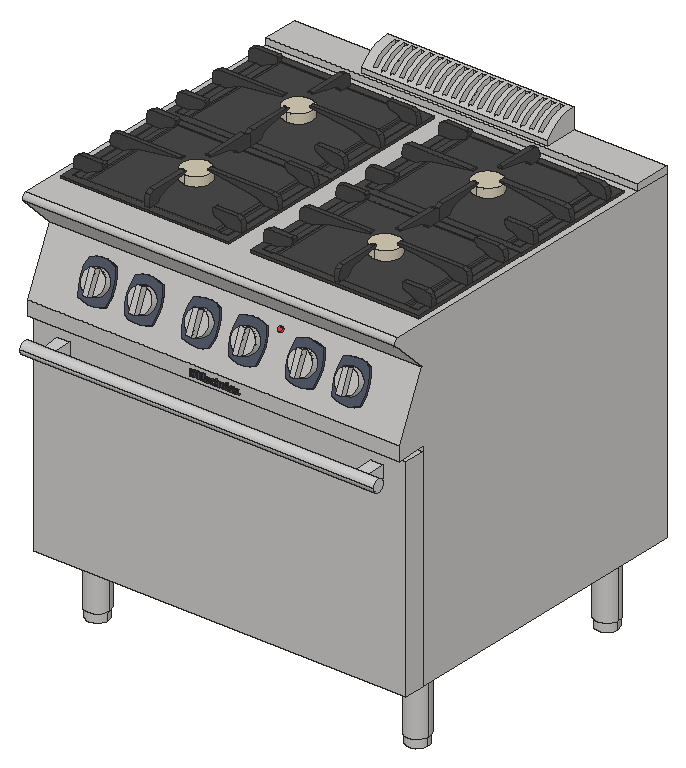
Revit family "QF_ELECTROLUXPROFESSIONAL_371402_E7AAKTBCMEI", category Attrezzature speciali, Revit 2018
Family settings
  Quota connettore circolare = Usa diametro
  Tipo di parte = Normale
  Basato su piano di lavoro = No
  Sempre verticale = Sì
  Taglio con vuoti quando caricato = No
  Condiviso = No
  Punto di calcolo locali = No
Parameters (values of type "Standard")
  Weight = 88.00 kg
  Watts = 0 W
  Volts = 0 V
  URL Manufacturer = "https://www.electroluxprofessional.com/"
  URL = "https://www.electroluxprofessional.com/"
  Steam Supply Size = 0"
  Steam Supply Minimum Pressure = 0.00 psi
  Steam Supply Maximum Pressure = 0.00 psi
  Steam Consumption per Hour = 0
  Show Logo [instance] = yes
  Show Clearance [instance] = yes
  Refrigeration Suction Line Size = 0 mm
  Refrigeration Liquid Line Size = 0 mm
  Refrigerant Compressor Remote = yes
  Phase = 0
  Modello = "E7AAKTBCMEI"
  Produttore = "Electrolux Professional"
  Length Actual = 800 mm  # constant formula
  Item Number = "371402"
  Hot Water Size = 0"
  Height Actual = 850 mm  # constant formula
  HP = "0 HP"
  Gas Size = 1/2"
  Gas KW = 22
  Gas Input Pressure = 0.738606 Btu/h
  Direct Waste Size = 0"
  Descrizione = "4-BURNER GAS RANGE+ELECTRIC OVEN 800MM - QMARK"
  Depth Actual = 730 mm  # constant formula
  Cycle = 0 Hz
  Condensate Return Size = 0"
  Compressed Air Volume = 0 GPM
  Compressed Air Size = 0"
  Compressed Air Pressure = 0.00 psi
  Cold Water Size = 0"
  Assembly Code = ""
  Accessory = yes
Values of the unnamed type that differ from the named types
  Weight = 0.00 kg
  URL Manufacturer = ""
  Item Number = ""
  HP = ""
  Gas KW = 0
  Gas Input Pressure = 0.0 Btu/h
Reference planes
  plane 1 "BACK": y = 0
  plane 2: z = 0
  plane 3 "LEFT": x = 0
  plane 4 "RIGHT": x = 800
  plane 5 "FRONT": y = -700
  plane 6 "TOP": z = 908.9
  plane 7 "Center Y": x = 400
  plane 8 "Center X": y = -350
  plane 9 "Base": z = 150
  plane 10: z = 850.9
  plane 11: y = -730.129
  plane 12: y = -1109
Forms (mm)
  Revolve 1, solid, material "QF_Finishes_Stainless Steel"
    sketch origin (1, -90, 0) x (1, 0, 0) y (0, 0, 1)
      loop
        line (55, 0) -> (55, 150) -> (29.6, 150) -> (29.6, 19.05) -> (32.1, 19.05) -> (32.1, 0) -> (55, 0)
      axis (55, 0) -> (55, 150)
    angle from 0 to 360
  Revolve 2, solid, material "QF_Finishes_Stainless Steel"
    sketch origin (1, -599.588, 0) x (1, 0, 0) y (0, 0, 1)
      loop
        line (55, 0) -> (55, 150) -> (29.6, 150) -> (29.6, 19.05) -> (32.1, 19.05) -> (32.1, 0) -> (55, 0)
      axis (55, 0) -> (55, 150)
    angle from 0 to 360
  Revolve 3, solid, material "QF_Finishes_Stainless Steel"
    sketch origin (799, -90, 0) x (-1, 0, 0) y (0, 0, -1)
      loop
        line (55, 0) -> (32.1, 0) -> (32.1, -19.05) -> (29.6, -19.05) -> (29.6, -150) -> (55, -150) -> (55, 0)
      axis (55, 0) -> (55, -150)
    angle from 0 to 360
  Revolve 4, solid, material "QF_Finishes_Stainless Steel"
    sketch origin (799, -599.588, 0) x (-1, 0, 0) y (0, 0, -1)
      loop
        line (55, 0) -> (32.1, 0) -> (32.1, -19.05) -> (29.6, -19.05) -> (29.6, -150) -> (55, -150) -> (55, 0)
      axis (55, 0) -> (55, -150)
    angle from 0 to 360
  Extrusion 5, solid, material "QF_Finishes_Stainless Steel"
    sketch origin (0, 0, 576.213) x (0, 1, 0) y (0, 0, 1)
      loop
        line (0, -426.213) -> (0, 274.687) -> (-721.5, 274.687)
        arc (-721.5, 274.687) -> (-729.472, 269.36) -> (-727.602, 259.956) r 8.63
        line (-727.602, 259.956) -> (-658.266, 190.62) -> (-715.962, 65.264) -> (-715.962, 33.966) -> (-655.839, 38.662)
        arc (-655.839, 38.662) -> (-653.314, 37.914) -> (-652.222, 35.518) r 3.175
        line (-652.222, 35.518) -> (-652.222, -426.213) -> (0, -426.213)
    from 0 to 800
  Extrusion 6, solid, material "QF_Finishes_Stainless Steel"
    sketch origin (0, -652.222, 611.731) x (0, 0, -1) y (1, 0, 0)
      loop
        line (461.731, 0) -> (461.731, 800) -> (9.61, 800) -> (9.61, 0) -> (461.731, 0)
    from 3.175 to 47.778
  Extrusion 7, solid, material "QF_Finishes_Handrails and Railings"
    sketch origin (0, 0, 0) x (0, 1, 0) y (0, 0, 1)
      loop
        line (-700, 580.001) -> (-738.678, 577.296)
        arc (-738.678, 577.296) -> (-739.871, 563.489) -> (-752.981, 558.993) r 12.7
        arc (-752.981, 558.993) -> (-752.44, 558.176) -> (-751.841, 557.401) r 13.441
        arc (-751.841, 557.401) -> (-750.036, 555.955) -> (-747.808, 555.335) r 5.77
        line (-747.808, 555.335) -> (-700, 551.992) -> (-700, 580.001)
    from 50.8 to 76.2
  Extrusion 8, solid, material "QF_Finishes_Handrails and Railings"
    sketch origin (800, 0, 0) x (0, 1, 0) y (0, 0, -1)
      loop
        line (-700, -580.001) -> (-700, -551.992) -> (-747.808, -555.335)
        arc (-747.808, -555.335) -> (-750.036, -555.955) -> (-751.841, -557.401) r 5.77
        arc (-751.841, -557.401) -> (-752.44, -558.176) -> (-752.981, -558.993) r 13.441
        arc (-752.981, -558.993) -> (-739.871, -563.489) -> (-738.678, -577.296) r 12.7
        line (-738.678, -577.296) -> (-700, -580.001)
    from 50.8 to 76.2
  Extrusion 9, solid, material "QF_Finishes_Handrails and Railings"
    sketch origin (0, 0, 0) x (0, 1, 0) y (0, 0, 1)
      loop
        circle (-749.878, 571.309) r 12.7
    from 19.875 to 780.125
  Extrusion 10, solid, material "QF_Finishes_Stainless Steel"
    sketch origin (0, 0, 576.213) x (0, 1, 0) y (0, 0, 1)
      loop
        line (0, 274.687) -> (0, 288.975) -> (-76.2, 288.975) -> (-76.2, 274.687) -> (0, 274.687)
    from 0 to 800
  Extrusion 11, solid, material "QF_Finishes_Navy Blue"
    sketch origin (7.744, -713.772, 646.186) x (0, 0.418102, 0.9084) y (-1, 0, 0)
      loop
        arc (102.623, -190.47) -> (67.041, -182.846) -> (31.333, -189.853) r 90.5
        arc (31.333, -189.853) -> (24.507, -219.04) -> (31.333, -248.228) r 65.817
        arc (31.333, -248.228) -> (67.04, -255.188) -> (102.623, -247.615) r 91.066
        arc (102.623, -247.615) -> (109.179, -219.043) -> (102.623, -190.47) r 65.546
      loop
        arc (102.623, -90.47) -> (67.041, -82.846) -> (31.333, -89.853) r 90.5
        arc (31.333, -89.853) -> (24.507, -119.04) -> (31.333, -148.228) r 65.817
        arc (31.333, -148.228) -> (67.04, -155.188) -> (102.623, -147.615) r 91.066
        arc (102.623, -147.615) -> (109.179, -119.043) -> (102.623, -90.47) r 65.546
      loop
        arc (102.623, -594.043) -> (109.179, -565.47) -> (102.623, -536.897) r 65.546
        arc (102.623, -536.897) -> (67.04, -529.324) -> (31.333, -536.284) r 91.066
        arc (31.333, -536.284) -> (24.507, -565.472) -> (31.333, -594.66) r 65.817
        arc (31.333, -594.66) -> (67.041, -601.667) -> (102.623, -594.043) r 90.5
      loop
        arc (102.623, -694.043) -> (109.179, -665.47) -> (102.623, -636.897) r 65.546
        arc (102.623, -636.897) -> (67.04, -629.324) -> (31.333, -636.284) r 91.066
        arc (31.333, -636.284) -> (24.507, -665.472) -> (31.333, -694.66) r 65.817
        arc (31.333, -694.66) -> (67.041, -701.667) -> (102.623, -694.043) r 90.5
      loop
        arc (102.623, -413.686) -> (67.041, -406.061) -> (31.333, -413.069) r 90.5
        arc (31.333, -413.069) -> (24.507, -442.256) -> (31.333, -471.444) r 65.817
        arc (31.333, -471.444) -> (67.04, -478.404) -> (102.623, -470.831) r 91.066
        arc (102.623, -470.831) -> (109.179, -442.259) -> (102.623, -413.686) r 65.546
      loop
        arc (102.623, -313.686) -> (67.041, -306.061) -> (31.333, -313.069) r 90.5
        arc (31.333, -313.069) -> (24.507, -342.256) -> (31.333, -371.444) r 65.817
        arc (31.333, -371.444) -> (67.04, -378.404) -> (102.623, -370.831) r 91.066
        arc (102.623, -370.831) -> (109.179, -342.259) -> (102.623, -313.686) r 65.546
    from 0 to 3.175
  Extrusion 12, solid, material "QF_Finishes_Stainless Steel"
    sketch origin (386.494, -717.485, 645.711) x (0, 0.418102, 0.9084) y (-1, 0, 0)
      loop
        circle (68.826, 159.037) r 25.4
      loop
        circle (68.826, 259.037) r 25.4
      loop
        circle (68.826, -186.049) r 25.4
      loop
        circle (68.826, -286.049) r 25.4
      loop
        circle (68.826, -63.463) r 25.4
      loop
        circle (68.826, 36.537) r 25.4
    from 0 to 12.7
  Extrusion 13, solid, material "QF_Finishes_Stainless Steel"
    sketch origin (0, 0, 150) x (-1, 0, 0) y (0, -1, 0)
      loop
        circle (-747.612, 464) r 6.35
    from -8.815 to 7.722
  Extrusion 14, solid, material "QF_Finishes_Door Clearance", visible <- "Show Clearance", detail levels coarse
    sketch origin (0, 0, 0) x (0, 1, 0) y (0, 0, 1)
      loop
        line (-1109, 150) -> (-700, 150) -> (-700, 601.405)
        arc (-700, 601.405) -> (-991.543, 454.568) -> (-1109, 150) r 453.603
    from 0 to 800
  Extrusion 15, solid, material "QF_Finishes_Clearance", visible <- "Show Clearance", detail levels coarse
    sketch origin (0, 0, 0) x (1, 0, 0) y (0, 1, 0)
      loop
        line (-150, -730.129) -> (0, -730.129) -> (0, 0) -> (800, 0) -> (800, -730.129) -> (950, -730.129) -> (950, 150) -> (-150, 150) -> (-150, -730.129)
    from 0 to 908.85
  Extrusion 16, solid, material "QF_Finishes_Stainless Steel"
    sketch origin (66.494, -729.022, 651.021) x (0, 0.418102, 0.9084) y (-1, 0, 0)
      loop
        arc (93.558, -166.749) -> (94.226, -160.963) -> (93.558, -155.177) r 25.4
        line (93.558, -155.177) -> (44.094, -155.177)
        arc (44.094, -155.177) -> (43.426, -160.963) -> (44.094, -166.749) r 25.4
        line (44.094, -166.749) -> (93.558, -166.749)
    from 0 to 12.7
  Extrusion 17, solid, material "QF_Finishes_Stainless Steel"
    sketch origin (-33.506, -729.022, 651.021) x (0, 0.418102, 0.9084) y (-1, 0, 0)
      loop
        arc (93.558, -166.749) -> (94.226, -160.963) -> (93.558, -155.177) r 25.4
        line (93.558, -155.177) -> (44.094, -155.177)
        arc (44.094, -155.177) -> (43.426, -160.963) -> (44.094, -166.749) r 25.4
        line (44.094, -166.749) -> (93.558, -166.749)
    from 0 to 12.7
  Extrusion 18, void
    sketch origin (-65.011, 0, 865.138) x (-1, 0, 0) y (0, -1, 0)
      loop
        line (-295.005, 6.761) -> (-285.709, 6.761) -> (-285.709, 63.911) -> (-295.005, 63.911) -> (-295.005, 6.761)
      loop
        line (-313.697, 6.761) -> (-304.401, 6.761) -> (-304.401, 63.911) -> (-313.697, 63.911) -> (-313.697, 6.761)
      loop
        line (-332.39, 6.761) -> (-323.094, 6.761) -> (-323.094, 63.911) -> (-332.39, 63.911) -> (-332.39, 6.761)
      loop
        line (-351.082, 6.761) -> (-341.787, 6.761) -> (-341.787, 63.911) -> (-351.082, 63.911) -> (-351.082, 6.761)
      loop
        line (-369.775, 6.761) -> (-360.479, 6.761) -> (-360.479, 63.911) -> (-369.775, 63.911) -> (-369.775, 6.761)
      loop
        line (-388.468, 6.761) -> (-379.172, 6.761) -> (-379.172, 63.911) -> (-388.468, 63.911) -> (-388.468, 6.761)
      loop
        line (-407.16, 6.761) -> (-397.864, 6.761) -> (-397.864, 63.911) -> (-407.16, 63.911) -> (-407.16, 6.761)
      loop
        line (-425.853, 6.761) -> (-416.557, 6.761) -> (-416.557, 63.911) -> (-425.853, 63.911) -> (-425.853, 6.761)
      loop
        line (-444.545, 6.761) -> (-435.25, 6.761) -> (-435.25, 63.911) -> (-444.545, 63.911) -> (-444.545, 6.761)
      loop
        line (-463.238, 6.761) -> (-453.942, 6.761) -> (-453.942, 63.911) -> (-463.238, 63.911) -> (-463.238, 6.761)
      loop
        line (-481.931, 6.761) -> (-472.635, 6.761) -> (-472.635, 63.911) -> (-481.931, 63.911) -> (-481.931, 6.761)
      loop
        line (-500.623, 6.761) -> (-491.328, 6.761) -> (-491.328, 63.911) -> (-500.623, 63.911) -> (-500.623, 6.761)
      loop
        line (-519.316, 6.761) -> (-510.02, 6.761) -> (-510.02, 63.911) -> (-519.316, 63.911) -> (-519.316, 6.761)
      loop
        line (-538.008, 6.761) -> (-528.713, 6.761) -> (-528.713, 63.911) -> (-538.008, 63.911) -> (-538.008, 6.761)
      loop
        line (-556.701, 6.761) -> (-547.405, 6.761) -> (-547.405, 63.911) -> (-556.701, 63.911) -> (-556.701, 6.761)
      loop
        line (-575.394, 6.761) -> (-566.098, 6.761) -> (-566.098, 63.911) -> (-575.394, 63.911) -> (-575.394, 6.761)
      loop
        line (-594.086, 6.761) -> (-584.791, 6.761) -> (-584.791, 63.911) -> (-594.086, 63.911) -> (-594.086, 6.761)
      loop
        line (-612.779, 6.761) -> (-603.483, 6.761) -> (-603.483, 63.911) -> (-612.779, 63.911) -> (-612.779, 6.761)
      loop
        line (-631.472, 6.761) -> (-622.176, 6.761) -> (-622.176, 63.911) -> (-631.472, 63.911) -> (-631.472, 6.761)
      loop
        line (-650.164, 6.761) -> (-640.868, 6.761) -> (-640.868, 63.911) -> (-650.164, 63.911) -> (-650.164, 6.761)
    from 9.525 to 45.348
  Extrusion 19, solid, material "QF_Finishes_Stainless Steel"
    sketch origin (-200, 0, 590.5) x (0, 1, 0) y (0, 0, 1)
      loop
        line (0, 274.688) -> (0, 318.4)
        arc (0, 318.4) -> (-39.072, 309.779) -> (-69.85, 284.212) r 84.854
        line (-69.85, 284.212) -> (-69.85, 274.688) -> (0, 274.688)
    from 400 to 800
  Extrusion 20, solid, material "QF_Finishes_Stainless Steel"
    sketch origin (733.506, -729.022, 651.021) x (0, 0.418102, 0.9084) y (-1, 0, 0)
      loop
        line (93.558, 166.749) -> (44.094, 166.749)
        arc (44.094, 166.749) -> (43.426, 160.963) -> (44.094, 155.177) r 25.4
        line (44.094, 155.177) -> (93.558, 155.177)
        arc (93.558, 155.177) -> (94.226, 160.963) -> (93.558, 166.749) r 25.4
    from 0 to 12.7
  Extrusion 21, solid, material "QF_Finishes_Stainless Steel"
    sketch origin (833.506, -729.022, 651.021) x (0, 0.418102, 0.9084) y (-1, 0, 0)
      loop
        line (93.558, 166.749) -> (44.094, 166.749)
        arc (44.094, 166.749) -> (43.426, 160.963) -> (44.094, 155.177) r 25.4
        line (44.094, 155.177) -> (93.558, 155.177)
        arc (93.558, 155.177) -> (94.226, 160.963) -> (93.558, 166.749) r 25.4
    from 0 to 12.7
  Extrusion 22, solid, material "QF_Finishes_Stainless Steel"
    sketch origin (288.994, -729.022, 651.021) x (0, 0.418102, 0.9084) y (-1, 0, 0)
      loop
        arc (93.558, -166.749) -> (94.226, -160.963) -> (93.558, -155.177) r 25.4
        line (93.558, -155.177) -> (44.094, -155.177)
        arc (44.094, -155.177) -> (43.426, -160.963) -> (44.094, -166.749) r 25.4
        line (44.094, -166.749) -> (93.558, -166.749)
    from 0 to 12.7
  Extrusion 23, solid, material "QF_Finishes_Stainless Steel"
    sketch origin (188.994, -729.022, 651.021) x (0, 0.418102, 0.9084) y (-1, 0, 0)
      loop
        arc (93.558, -166.749) -> (94.226, -160.963) -> (93.558, -155.177) r 25.4
        line (93.558, -155.177) -> (44.094, -155.177)
        arc (44.094, -155.177) -> (43.426, -160.963) -> (44.094, -166.749) r 25.4
        line (44.094, -166.749) -> (93.558, -166.749)
    from 0 to 12.7
  Extrusion 24, solid, material "QF_Finishes_Red"
    sketch origin (0, -658.266, 766.833) x (0, -0.418102, -0.9084) y (1, 0, 0)
      loop
        circle (27.385, 506.659) r 5
    from 0 to 1.6
  Extrusion 25, solid, material "QF_Finishes_Stainless Steel"
    sketch origin (0, -50, 150) x (-1, 0, 0) y (0, -1, 0)
      loop
        circle (-747.612, 464) r 3.175
    from -1.912 to 7.722
  Extrusion 26, solid, material "QF_Finishes_Navy Blue", visible <- "Show Logo"
    sketch origin (61.109, -715.962, 610.773) x (0, 0, 1) y (-1, 0, 0)
      loop
        line (20.674, -296.698) -> (8.307, -296.698)
        arc (8.307, -296.698) -> (14.491, -301.27) -> (20.674, -296.698) r 6.467
      loop
        arc (20.674, -296.069) -> (19.505, -290.926) -> (14.849, -288.448) r 6.338
        line (14.849, -288.448) -> (14.849, -290.494)
        arc (14.849, -290.494) -> (16.333, -294.149) -> (19.778, -296.069) r 5.941
        line (19.778, -296.069) -> (20.674, -296.069)
      loop
        arc (9.203, -296.069) -> (12.648, -294.149) -> (14.132, -290.494) r 5.941
        line (14.132, -290.494) -> (14.132, -288.448)
        arc (14.132, -288.448) -> (9.438, -290.922) -> (8.148, -296.069) r 6.504
        line (8.148, -296.069) -> (9.203, -296.069)
      loop
        line (21.349, -287.979) -> (7.604, -287.979) -> (7.604, -301.742) -> (21.349, -301.742) -> (21.349, -287.979)
      loop
        arc (21.432, -304.71) -> (21.085, -304.352) -> (20.718, -304.69) r 0.358
        arc (20.718, -304.69) -> (20.404, -305.44) -> (19.687, -305.825) r 1.216
        line (19.687, -305.825) -> (9.274, -305.825)
        arc (9.274, -305.825) -> (8.614, -305.548) -> (8.218, -304.951) r 1.238
        arc (8.218, -304.951) -> (7.823, -304.7) -> (7.518, -305.054) r 0.358
        line (7.518, -305.054) -> (7.518, -314.933) -> (10.269, -314.933) -> (10.269, -314.036)
        arc (10.269, -314.036) -> (9.36, -313.456) -> (8.904, -312.479) r 1.928
        line (8.904, -312.479) -> (8.904, -309.98)
        arc (8.904, -309.98) -> (9.18, -309.251) -> (9.868, -308.887) r 1.101
        line (9.868, -308.887) -> (13.955, -308.887) -> (13.955, -312.561)
        arc (13.955, -312.561) -> (13.602, -313.058) -> (13.037, -313.286) r 1.083
        arc (13.037, -313.286) -> (12.773, -313.591) -> (13.065, -313.869) r 0.292
        line (13.065, -313.869) -> (16.028, -313.869)
        arc (16.028, -313.869) -> (16.33, -313.596) -> (16.092, -313.266) r 0.305
        arc (16.092, -313.266) -> (15.601, -313.018) -> (15.296, -312.561) r 1.083
        line (15.296, -312.561) -> (15.296, -308.887) -> (19.973, -308.887) -> (19.973, -312.635)
        arc (19.973, -312.635) -> (19.759, -313.39) -> (19.153, -313.888) r 1.314
        arc (19.153, -313.888) -> (18.934, -314.292) -> (19.288, -314.585) r 0.361
        line (19.288, -314.585) -> (21.432, -314.585) -> (21.432, -304.71)
      loop
        arc (20.715, -315.365) -> (20.335, -316.284) -> (19.416, -316.664) r 1.299
        line (19.416, -316.664) -> (9.837, -316.664)
        arc (9.837, -316.664) -> (8.999, -316.286) -> (8.728, -315.408) r 1.118
        line (8.728, -315.408) -> (7.518, -315.408) -> (7.518, -320.758) -> (8.706, -320.758)
        arc (8.706, -320.758) -> (8.978, -319.841) -> (9.848, -319.445) r 1.153
        line (9.848, -319.445) -> (21.92, -319.445) -> (20.715, -315.365)
      loop
        line (12.483, -323.394) -> (12.483, -329.842) -> (13.282, -329.842)
        arc (13.282, -329.842) -> (15.862, -328.857) -> (17.131, -326.404) r 3.874
        line (17.131, -326.404) -> (17.131, -324.643)
        arc (17.131, -324.643) -> (15.944, -321.778) -> (13.08, -320.592) r 4.051
        line (13.08, -320.592) -> (11.072, -320.592)
        arc (11.072, -320.592) -> (8.253, -322.077) -> (7.202, -325.084) r 4.352
        arc (7.202, -325.084) -> (7.566, -327.547) -> (8.943, -329.621) r 5.713
        line (8.943, -329.621) -> (9.892, -329.621)
        arc (9.892, -329.621) -> (9.16, -328.052) -> (8.943, -326.334) r 5.579
        arc (8.943, -326.334) -> (9.737, -324.371) -> (11.616, -323.394) r 3.057
        line (11.616, -323.394) -> (12.483, -323.394)
      loop
        line (13.742, -323.394) -> (13.742, -326.977)
        arc (13.742, -326.977) -> (15.199, -327.024) -> (16.082, -325.864) r 1.59
        line (16.082, -325.864) -> (16.082, -325.034)
        arc (16.082, -325.034) -> (15.217, -323.779) -> (13.742, -323.394) r 2.184
      loop
        arc (16.533, -339.259) -> (17.022, -337.585) -> (17.179, -335.848) r 9.023
        line (17.179, -335.848) -> (17.179, -334.486)
        arc (17.179, -334.486) -> (16.02, -331.686) -> (13.22, -330.527) r 3.959
        line (13.22, -330.527) -> (10.62, -330.527)
        arc (10.62, -330.527) -> (8.338, -331.819) -> (7.221, -334.192) r 4.331
        line (7.221, -334.192) -> (7.221, -336.327)
        arc (7.221, -336.327) -> (7.729, -337.877) -> (8.651, -339.223) r 5.772
        arc (8.651, -339.223) -> (9.412, -339.274) -> (9.499, -338.515) r 0.553
        arc (9.499, -338.515) -> (9.111, -337.781) -> (8.977, -336.962) r 2.573
        line (8.977, -336.962) -> (8.977, -335.447)
        arc (8.977, -335.447) -> (9.983, -333.806) -> (11.798, -333.163) r 2.884
        line (11.798, -333.163) -> (13.077, -333.163)
        arc (13.077, -333.163) -> (14.898, -333.723) -> (15.824, -335.388) r 2.554
        line (15.824, -335.388) -> (15.824, -336.441)
        arc (15.824, -336.441) -> (15.493, -337.369) -> (14.836, -338.104) r 2.564
        arc (14.836, -338.104) -> (14.614, -338.821) -> (15.223, -339.259) r 0.643
        line (15.223, -339.259) -> (16.533, -339.259)
      loop
        line (15.515, -339.53) -> (15.515, -341.031) -> (9.467, -341.031)
        arc (9.467, -341.031) -> (7.879, -341.688) -> (7.221, -343.276) r 2.246
        line (7.221, -343.276) -> (7.221, -344.86)
        arc (7.221, -344.86) -> (7.535, -345.725) -> (8.035, -346.496) r 4.06
        arc (8.035, -346.496) -> (8.768, -346.629) -> (9.019, -345.928) r 0.576
        arc (9.019, -345.928) -> (8.913, -345.403) -> (8.977, -344.87) r 1.69
        arc (8.977, -344.87) -> (9.519, -344.082) -> (10.425, -343.779) r 1.506
        line (10.425, -343.779) -> (15.563, -343.779) -> (15.563, -346.176) -> (16.119, -346.733) -> (16.941, -346.733) -> (16.941, -343.873) -> (20.172, -343.873) -> (15.515, -339.53)
      loop
        line (7.438, -347.63) -> (7.438, -353.017) -> (8.548, -353.017)
        arc (8.548, -353.017) -> (8.942, -352.066) -> (9.893, -351.672) r 1.345
        line (9.893, -351.672) -> (13.509, -351.672)
        arc (13.509, -351.672) -> (14.274, -352.264) -> (14.564, -353.186) r 1.615
        line (14.564, -353.186) -> (14.564, -354.742) -> (17.119, -355.427) -> (17.119, -354.044) -> (15.177, -351.485) -> (17.057, -351.485) -> (16.773, -348.779)
        arc (16.773, -348.779) -> (16.333, -348.249) -> (15.674, -348.45) r 0.621
        arc (15.674, -348.45) -> (15.274, -348.792) -> (14.78, -348.975) r 1.501
        line (14.78, -348.975) -> (9.893, -348.975)
        arc (9.893, -348.975) -> (8.942, -348.581) -> (8.548, -347.63) r 1.345
        line (8.548, -347.63) -> (7.438, -347.63)
      loop
        line (13.54, -354.964) -> (10.848, -354.964)
        arc (10.848, -354.964) -> (8.403, -356.272) -> (7.269, -358.803) r 4.288
        arc (7.269, -358.803) -> (7.205, -360.183) -> (7.269, -361.563) r 15.022
        arc (7.269, -361.563) -> (8.403, -364.094) -> (10.848, -365.401) r 4.288
        line (10.848, -365.401) -> (13.54, -365.401)
        arc (13.54, -365.401) -> (15.986, -364.094) -> (17.119, -361.563) r 4.288
        arc (17.119, -361.563) -> (17.183, -360.183) -> (17.119, -358.803) r 15.022
        arc (17.119, -358.803) -> (15.986, -356.272) -> (13.54, -354.964) r 4.288
      loop
        line (13.745, -358.078) -> (10.643, -358.078)
        arc (10.643, -358.078) -> (8.486, -360.235) -> (10.643, -362.392) r 2.157
        line (10.643, -362.392) -> (13.745, -362.392)
        arc (13.745, -362.392) -> (15.902, -360.235) -> (13.745, -358.078) r 2.157
      loop
        arc (20.726, -365.26) -> (20.355, -366.154) -> (19.461, -366.524) r 1.264
        line (19.461, -366.524) -> (9.597, -366.524)
        arc (9.597, -366.524) -> (8.727, -366.127) -> (8.455, -365.211) r 1.153
        line (8.455, -365.211) -> (7.518, -365.211) -> (7.518, -370.319) -> (8.446, -370.319)
        arc (8.446, -370.319) -> (8.805, -369.547) -> (9.597, -369.232) r 1.153
        line (9.597, -369.232) -> (21.92, -369.232) -> (20.726, -365.26)
      loop
        arc (15.846, -369.857) -> (15.647, -370.921) -> (14.678, -371.403) r 1.215
        line (14.678, -371.403) -> (9.658, -371.403)
        arc (9.658, -371.403) -> (8.043, -372.051) -> (7.322, -373.634) r 2.338
        line (7.322, -373.634) -> (7.322, -375.148)
        arc (7.322, -375.148) -> (7.497, -376.152) -> (7.999, -377.038) r 2.979
        line (7.999, -377.038) -> (7.518, -378.835) -> (7.518, -380.524) -> (16.943, -380.524) -> (16.649, -376.32) -> (15.863, -376.32)
        arc (15.863, -376.32) -> (15.507, -377.156) -> (14.755, -377.665) r 1.605
        line (14.755, -377.665) -> (9.652, -377.665)
        arc (9.652, -377.665) -> (9.232, -376.728) -> (9.159, -375.704) r 2.94
        arc (9.159, -375.704) -> (9.72, -374.603) -> (10.873, -374.16) r 1.724
        line (10.873, -374.16) -> (17.07, -374.16) -> (15.846, -369.857)
      loop
        line (16.874, -381.377) -> (15.202, -383.423) -> (12.028, -385.729) -> (8.572, -382.617)
        arc (8.572, -382.617) -> (8.335, -382.223) -> (8.357, -381.764) r 0.789
        line (8.357, -381.764) -> (7.518, -381.764) -> (7.518, -385.309) -> (8.344, -385.309)
        arc (8.344, -385.309) -> (8.686, -384.947) -> (9.176, -385.039) r 0.52
        line (9.176, -385.039) -> (10.976, -386.51) -> (8.858, -387.886)
        arc (8.858, -387.886) -> (8.457, -387.576) -> (8.37, -387.076) r 0.7
        line (8.37, -387.076) -> (7.518, -387.076) -> (7.518, -393.003) -> (8.405, -393.003)
        arc (8.405, -393.003) -> (8.472, -392.344) -> (8.866, -391.813) r 1.247
        line (8.866, -391.813) -> (13.066, -388.532) -> (15.513, -390.585) -> (16.874, -392.327) -> (16.874, -388.604) -> (15.389, -389.026) -> (13.868, -387.749) -> (15.568, -386.559) -> (16.874, -387.336) -> (16.874, -381.377)
    from 0 to 1.644
Cuts and joins
  Extrusion 18 cuts Extrusion 15
  Extrusion 18 cuts Extrusion 19
Lines and regions (mm)
  symbolic lines, style "QF-Door Swings"
    curve 1: line (0, -730.129, 150) -> (0, -1109, 150)
    curve 2: line (0, -1109, 150) -> (800, -1109, 150)
    curve 3: line (800, -1109, 150) -> (800, -730.129, 150)
  symbolic lines
    curve 4: line (800, -730.129, 150) -> (0, -730.129, 150)
    curve 5: line (0, 0, 150) -> (0, -730.129, 150)
    curve 6: line (0, -69.85, 150) -> (800, -69.85, 150)
    curve 7: line (0, -76.2, 150) -> (800, -76.2, 150)
    curve 8: line (800, -730.129, 150) -> (800, 0, 150)
    curve 9: line (0, 0, 150) -> (800, 0, 150)
    curve 13: line (50.8, -738.678, 150) -> (50.8, -730.129, 150)
    curve 14: line (76.2, -730.129, 150) -> (76.2, -738.678, 150)
    curve 15: line (19.875, -737.178, 150) -> (50.8, -737.178, 150)
    curve 16: line (19.875, -762.578, 150) -> (19.875, -737.178, 150)
    curve 17: line (780.125, -762.578, 150) -> (19.875, -762.578, 150)
    curve 18: line (780.125, -737.178, 150) -> (780.125, -762.578, 150)
    curve 19: line (749.2, -738.678, 150) -> (749.2, -730.129, 150)
    curve 20: line (723.8, -738.678, 150) -> (723.8, -730.129, 150)
    curve 21: line (723.8, -738.678, 150) -> (749.2, -738.678, 150)
    curve 22: line (50.8, -738.678, 150) -> (76.2, -738.678, 150)
    curve 23: line (76.2, -737.178, 150) -> (723.8, -737.178, 150)
    curve 24: line (749.2, -737.178, 150) -> (780.125, -737.178, 150)
    curve 25: line (229.994, -6.761, 150) -> (229.994, -63.911, 150)
    curve 26: line (229.994, -63.911, 150) -> (220.698, -63.911, 150)
    curve 27: line (220.698, -63.911, 150) -> (220.698, -6.761, 150)
    curve 28: line (220.698, -6.761, 150) -> (229.994, -6.761, 150)
    curve 29: line (435.612, -6.761, 150) -> (435.612, -63.911, 150)
    curve 30: line (435.612, -63.911, 150) -> (426.317, -63.911, 150)
    curve 31: line (426.317, -63.911, 150) -> (426.317, -6.761, 150)
    curve 32: line (426.317, -6.761, 150) -> (435.612, -6.761, 150)
    curve 33: line (416.92, -6.761, 150) -> (416.92, -63.911, 150)
    curve 34: line (416.92, -63.911, 150) -> (407.624, -63.911, 150)
    curve 35: line (407.624, -63.911, 150) -> (407.624, -6.761, 150)
    curve 36: line (407.624, -6.761, 150) -> (416.92, -6.761, 150)
    curve 37: line (398.227, -6.761, 150) -> (398.227, -63.911, 150)
    curve 38: line (398.227, -63.911, 150) -> (388.931, -63.911, 150)
    curve 39: line (388.931, -63.911, 150) -> (388.931, -6.761, 150)
    curve 40: line (388.931, -6.761, 150) -> (398.227, -6.761, 150)
    curve 41: line (379.534, -6.761, 150) -> (379.534, -63.911, 150)
    curve 42: line (379.534, -63.911, 150) -> (370.239, -63.911, 150)
    curve 43: line (370.239, -63.911, 150) -> (370.239, -6.761, 150)
    curve 44: line (370.239, -6.761, 150) -> (379.534, -6.761, 150)
    curve 45: line (360.842, -6.761, 150) -> (360.842, -63.911, 150)
    curve 46: line (360.842, -63.911, 150) -> (351.546, -63.911, 150)
    curve 47: line (351.546, -63.911, 150) -> (351.546, -6.761, 150)
    curve 48: line (351.546, -6.761, 150) -> (360.842, -6.761, 150)
    curve 49: line (342.149, -6.761, 150) -> (342.149, -63.911, 150)
    curve 50: line (342.149, -63.911, 150) -> (332.854, -63.911, 150)
    curve 51: line (332.854, -63.911, 150) -> (332.854, -6.761, 150)
    curve 52: line (332.854, -6.761, 150) -> (342.149, -6.761, 150)
    curve 53: line (323.457, -6.761, 150) -> (323.457, -63.911, 150)
    curve 54: line (323.457, -63.911, 150) -> (314.161, -63.911, 150)
    curve 55: line (314.161, -63.911, 150) -> (314.161, -6.761, 150)
    curve 56: line (314.161, -6.761, 150) -> (323.457, -6.761, 150)
    curve 57: line (304.764, -6.761, 150) -> (304.764, -63.911, 150)
    curve 58: line (304.764, -63.911, 150) -> (295.468, -63.911, 150)
    curve 59: line (295.468, -63.911, 150) -> (295.468, -6.761, 150)
    curve 60: line (295.468, -6.761, 150) -> (304.764, -6.761, 150)
    curve 61: line (286.071, -6.761, 150) -> (286.071, -63.911, 150)
    curve 62: line (286.071, -63.911, 150) -> (276.776, -63.911, 150)
    curve 63: line (276.776, -63.911, 150) -> (276.776, -6.761, 150)
    curve 64: line (276.776, -6.761, 150) -> (286.071, -6.761, 150)
    curve 65: line (267.379, -6.761, 150) -> (267.379, -63.911, 150)
    curve 66: line (267.379, -63.911, 150) -> (258.083, -63.911, 150)
    curve 67: line (258.083, -63.911, 150) -> (258.083, -6.761, 150)
    curve 68: line (258.083, -6.761, 150) -> (267.379, -6.761, 150)
    curve 69: line (248.686, -6.761, 150) -> (248.686, -63.911, 150)
    curve 70: line (248.686, -63.911, 150) -> (239.39, -63.911, 150)
    curve 71: line (239.39, -63.911, 150) -> (239.39, -6.761, 150)
    curve 72: line (239.39, -6.761, 150) -> (248.686, -6.761, 150)
    curve 73: line (585.153, -6.761, 150) -> (585.153, -63.911, 150)
    curve 74: line (585.153, -63.911, 150) -> (575.857, -63.911, 150)
    curve 75: line (575.857, -63.911, 150) -> (575.857, -6.761, 150)
    curve 76: line (575.857, -6.761, 150) -> (585.153, -6.761, 150)
    curve 77: line (566.461, -6.761, 150) -> (566.461, -63.911, 150)
    curve 78: line (566.461, -63.911, 150) -> (557.165, -63.911, 150)
    curve 79: line (557.165, -63.911, 150) -> (557.165, -6.761, 150)
    curve 80: line (557.165, -6.761, 150) -> (566.461, -6.761, 150)
    curve 81: line (547.768, -6.761, 150) -> (547.768, -63.911, 150)
    curve 82: line (547.768, -63.911, 150) -> (538.472, -63.911, 150)
    curve 83: line (538.472, -63.911, 150) -> (538.472, -6.761, 150)
    curve 84: line (538.472, -6.761, 150) -> (547.768, -6.761, 150)
    curve 85: line (529.075, -6.761, 150) -> (529.075, -63.911, 150)
    curve 86: line (529.075, -63.911, 150) -> (519.78, -63.911, 150)
    curve 87: line (519.78, -63.911, 150) -> (519.78, -6.761, 150)
    curve 88: line (519.78, -6.761, 150) -> (529.075, -6.761, 150)
    curve 89: line (510.383, -6.761, 150) -> (510.383, -63.911, 150)
    curve 90: line (510.383, -63.911, 150) -> (501.087, -63.911, 150)
    curve 91: line (501.087, -63.911, 150) -> (501.087, -6.761, 150)
    curve 92: line (501.087, -6.761, 150) -> (510.383, -6.761, 150)
    curve 93: line (491.69, -6.761, 150) -> (491.69, -63.911, 150)
    curve 94: line (491.69, -63.911, 150) -> (482.394, -63.911, 150)
    curve 95: line (482.394, -63.911, 150) -> (482.394, -6.761, 150)
    curve 96: line (482.394, -6.761, 150) -> (491.69, -6.761, 150)
    curve 97: line (472.998, -6.761, 150) -> (472.998, -63.911, 150)
    curve 98: line (472.998, -63.911, 150) -> (463.702, -63.911, 150)
    curve 99: line (463.702, -63.911, 150) -> (463.702, -6.761, 150)
    curve 100: line (463.702, -6.761, 150) -> (472.998, -6.761, 150)
    curve 101: line (454.305, -6.761, 150) -> (454.305, -63.911, 150)
    curve 102: line (454.305, -63.911, 150) -> (445.009, -63.911, 150)
    curve 103: line (445.009, -63.911, 150) -> (445.009, -6.761, 150)
    curve 104: line (445.009, -6.761, 150) -> (454.305, -6.761, 150)
    curve 105: line (200, -69.85, 150) -> (200, 0, 150)
    curve 106: line (600, -69.85, 150) -> (600, 0, 150)
  symbolic lines, style "QF-Clearances", visible <- "Show Clearance", detail levels coarse
    curve 10: line (-150, -730.129, 150) -> (-150, 150, 150)
    curve 11: line (-150, 150, 150) -> (950, 150, 150)
    curve 12: line (950, 150, 150) -> (950, -730.129, 150)
Dimensions and locks
  equal spacing: plane 3 "LEFT", plane 7 "Center Y", plane 4 "RIGHT"
  plane 3 "LEFT" to plane 4 "RIGHT" = 800 mm
  equal spacing: plane 5 "FRONT", plane 8 "Center X", plane 1 "BACK"
  plane 5 "FRONT" to plane 1 "BACK" = 700 mm
  plane 6 "TOP" to level = 908.9 mm
  plane 9 "Base" to level = 150 mm
  plane 6 "TOP" to plane 10 = 58 mm  (x2)
  plane 1 "BACK" to plane 11 = 730.129 mm
  plane 1 "BACK" to plane 12 = 1109 mm
  aligned and locked: level to plane 2
Automatic sketch dimensions
  Revolve 1 sketch curve to plane 9 "Base" = 0 mm  (x2)
  Revolve 1 sketch curve to level = 0 mm
  plane 3 "LEFT" to Revolve 1 sketch curve = 30.6 mm
  Revolve 1 sketch curve to Revolve 1 sketch curve = 2.5 mm
  Revolve 1 sketch curve to Revolve 1 sketch curve = 25.4 mm
  Revolve 1 sketch curve to Revolve 1 sketch curve = 0 mm
  level to Revolve 1 sketch curve = 19.05 mm
  plane 9 "Base" to Revolve 1 sketch curve = 20 mm
  Revolve 2 sketch curve to plane 9 "Base" = 0 mm  (x2)
  Revolve 2 sketch curve to level = 0 mm
  plane 3 "LEFT" to Revolve 2 sketch curve = 30.6 mm
  Revolve 2 sketch curve to Revolve 2 sketch curve = 2.5 mm
  Revolve 2 sketch curve to Revolve 2 sketch curve = 25.4 mm
  Revolve 2 sketch curve to Revolve 2 sketch curve = 0 mm
  level to Revolve 2 sketch curve = 19.05 mm
  plane 9 "Base" to Revolve 2 sketch curve = 20 mm
  Revolve 3 sketch curve to plane 9 "Base" = 0 mm  (x2)
  Revolve 3 sketch curve to level = 0 mm
  Revolve 3 sketch curve to plane 4 "RIGHT" = 30.6 mm
  Revolve 3 sketch curve to Revolve 3 sketch curve = 2.5 mm
  Revolve 3 sketch curve to Revolve 3 sketch curve = 25.4 mm
  Revolve 3 sketch curve to Revolve 3 sketch curve = 0 mm
  plane 9 "Base" to Revolve 3 sketch curve = 20 mm
  level to Revolve 3 sketch curve = 19.05 mm
  Revolve 4 sketch curve to plane 9 "Base" = 0 mm  (x2)
  Revolve 4 sketch curve to level = 0 mm
  Revolve 4 sketch curve to plane 4 "RIGHT" = 30.6 mm
  Revolve 4 sketch curve to Revolve 4 sketch curve = 2.5 mm
  Revolve 4 sketch curve to Revolve 4 sketch curve = 25.4 mm
  Revolve 4 sketch curve to Revolve 4 sketch curve = 0 mm
  plane 9 "Base" to Revolve 4 sketch curve = 20 mm
  level to Revolve 4 sketch curve = 19.05 mm
  Extrusion 5 sketch curve to plane 10 = 0 mm
  Extrusion 5 sketch curve to plane 9 "Base" = 0 mm
  Extrusion 5 sketch curve to plane 1 "BACK" = 0 mm
  Extrusion 5 sketch curve to plane 5 "FRONT" = 47.778 mm
  Extrusion 5 sketch curve to Extrusion 5 sketch curve = 3.175 mm
  Extrusion 5 sketch curve to Extrusion 5 sketch curve = 0.442 mm
  Extrusion 5 sketch curve to plane 5 "FRONT" = 41.734 mm
  Extrusion 5 sketch curve to plane 11 = 14.167 mm
  Extrusion 5 sketch curve to plane 11 = 8.63 mm
  Extrusion 5 sketch curve to plane 11 = 2.528 mm
  Extrusion 5 sketch curve to plane 10 = 240.721 mm
  Extrusion 5 sketch curve to Extrusion 5 sketch curve = 1.552 mm
  Extrusion 5 sketch curve to Extrusion 5 sketch curve = 31.298 mm
  Extrusion 5 sketch curve to plane 10 = 84.067 mm
  Extrusion 5 sketch curve to plane 10 = 14.732 mm
  Extrusion 6 sketch curve to Extrusion 5 = 0 mm  (x2)
  Extrusion 5 to Extrusion 6 sketch curve = 0 mm
  Extrusion 5 to Extrusion 6 sketch curve = 9.61 mm
  Extrusion 7 sketch curve to plane 5 "FRONT" = 0 mm
  plane 11 to Extrusion 7 sketch curve = 8.549 mm
  plane 11 to Extrusion 7 sketch curve = 11.379 mm
  Extrusion 7 sketch curve to Extrusion 7 sketch curve = 5.898 mm
  Extrusion 7 sketch curve to Extrusion 7 sketch curve = 0.402 mm
  Extrusion 7 sketch curve to Extrusion 7 sketch curve = 8.37 mm
  Extrusion 7 sketch curve to Extrusion 7 sketch curve = 4.033 mm
  Extrusion 7 sketch curve to Extrusion 7 sketch curve = 0 mm  (x2)
  Extrusion 7 sketch curve to Extrusion 7 sketch curve = 1.139 mm
  Extrusion 7 sketch curve to plane 10 = 298.908 mm
  Extrusion 7 sketch curve to Extrusion 7 sketch curve = 3.343 mm
  Extrusion 7 sketch curve to Extrusion 7 sketch curve = 2.066 mm
  Extrusion 7 sketch curve to Extrusion 7 sketch curve = 5.312 mm
  Extrusion 7 sketch curve to Extrusion 7 sketch curve = 28.009 mm
  Extrusion 8 sketch curve to plane 5 "FRONT" = 0 mm
  plane 11 to Extrusion 8 sketch curve = 8.549 mm
  plane 11 to Extrusion 8 sketch curve = 11.379 mm
  Extrusion 8 sketch curve to Extrusion 8 sketch curve = 5.898 mm
  Extrusion 8 sketch curve to Extrusion 8 sketch curve = 0.402 mm
  Extrusion 8 sketch curve to Extrusion 8 sketch curve = 8.37 mm
  Extrusion 8 sketch curve to Extrusion 8 sketch curve = 4.033 mm
  Extrusion 8 sketch curve to Extrusion 8 sketch curve = 0 mm  (x2)
  Extrusion 8 sketch curve to Extrusion 8 sketch curve = 1.139 mm
  Extrusion 8 sketch curve to plane 10 = 270.899 mm
  Extrusion 8 sketch curve to Extrusion 8 sketch curve = 2.705 mm
  Extrusion 8 sketch curve to Extrusion 8 sketch curve = 5.987 mm
  Extrusion 8 sketch curve to Extrusion 8 sketch curve = 5.312 mm
  Extrusion 8 sketch curve to Extrusion 8 sketch curve = 28.009 mm
  plane 11 to Extrusion 9 sketch curve = 19.749 mm
  Extrusion 9 sketch curve to plane 10 = 279.591 mm
  Extrusion 10 sketch curve to plane 10 = 0 mm
  Extrusion 10 sketch curve to plane 1 "BACK" = 0 mm
  plane 10 to Extrusion 10 sketch curve = 14.288 mm
  Extrusion 10 sketch curve to Extrusion 10 sketch curve = 76.2 mm
  Extrusion 11 sketch curve to plane 7 "Center Y" = 20.812 mm
  Extrusion 11 sketch curve to Extrusion 11 sketch curve = 0 mm  (x16)
  plane 7 "Center Y" to Extrusion 11 sketch curve = 20.812 mm
  Extrusion 11 sketch curve to Extrusion 11 sketch curve = 12.3 mm  (x18)
  Extrusion 11 sketch curve to Extrusion 11 sketch curve = 34.925 mm  (x7)
  plane 7 "Center Y" to Extrusion 11 sketch curve = 4.302 mm
  Extrusion 11 sketch curve to plane 7 "Center Y" = 4.915 mm
  Extrusion 11 sketch curve to Extrusion 11 sketch curve = 46.691 mm  (x6)
  plane 7 "Center Y" to Extrusion 11 sketch curve = 21.43 mm
  Extrusion 11 sketch curve to plane 7 "Center Y" = 21.425 mm
  Extrusion 11 sketch curve to Extrusion 11 sketch curve = 14.612 mm
  Extrusion 11 sketch curve to Extrusion 11 sketch curve = 25.114 mm  (x3)
  Extrusion 11 sketch curve to Extrusion 11 sketch curve = 25.727 mm  (x2)
  Extrusion 11 sketch curve to Extrusion 11 sketch curve = 29.185 mm  (x5)
  Extrusion 11 sketch curve to Extrusion 11 sketch curve = 9.217 mm  (x2)
  Extrusion 11 sketch curve to Extrusion 11 sketch curve = 15.898 mm  (x2)
  Extrusion 11 sketch curve to Extrusion 11 sketch curve = 16.51 mm  (x2)
  Extrusion 11 sketch curve to Extrusion 11 sketch curve = 13.999 mm
  Extrusion 12 sketch curve to Extrusion 12 sketch curve = 0 mm  (x5)
  Extrusion 12 sketch curve to Extrusion 12 sketch curve = 100 mm  (x3)
  Extrusion 12 sketch curve to Extrusion 12 sketch curve = 122.586 mm
  Extrusion 12 sketch curve to Extrusion 12 sketch curve = 122.5 mm
  Extrusion 13 sketch curve to plane 4 "RIGHT" = 52.388 mm
  Extrusion 13 sketch curve to plane 8 "Center X" = 114 mm
  Extrusion 14 sketch curve to plane 9 "Base" = 0 mm
  Extrusion 14 sketch curve to plane 12 = 0 mm
  Extrusion 14 sketch curve to plane 5 "FRONT" = 0 mm
  Extrusion 14 sketch curve to Extrusion 14 sketch curve = 44.603 mm
  plane 11 to curve 12 = 0 mm
  curve 3 to plane 4 "RIGHT" = 0 mm
  plane 1 "BACK" to curve 9 = 0 mm
  curve 9 to plane 4 "RIGHT" = 0 mm
  plane 11 to curve 19 = 0 mm
  curve 1 to plane 3 "LEFT" = 0 mm
  curve 9 to plane 3 "LEFT" = 0 mm
  plane 11 to curve 10 = 0 mm
  plane 12 to curve 1 = 0 mm
  plane 4 "RIGHT" to curve 11 = 150 mm
  plane 11 to curve 18 = 7.049 mm
  curve 18 to plane 4 "RIGHT" = 19.875 mm
  curve 18 to curve 24 = 30.925 mm
  plane 11 to curve 23 = 7.049 mm
  curve 24 to curve 23 = 25.4 mm
  plane 1 "BACK" to curve 106 = 69.85 mm
  curve 106 to plane 4 "RIGHT" = 200 mm
  curve 106 to curve 73 = 14.847 mm
  curve 73 to curve 74 = 9.296 mm
  curve 74 to curve 78 = 9.397 mm
  curve 77 to curve 79 = 9.296 mm
  curve 78 to curve 81 = 9.397 mm
  curve 81 to curve 84 = 9.296 mm
  curve 82 to curve 86 = 9.397 mm
  curve 85 to curve 87 = 9.296 mm
  curve 86 to curve 90 = 9.397 mm
  curve 89 to curve 91 = 9.296 mm
  curve 90 to curve 93 = 9.397 mm
  curve 93 to curve 96 = 9.296 mm
  curve 94 to curve 98 = 9.397 mm
  curve 97 to curve 100 = 9.296 mm
  curve 99 to curve 104 = 9.397 mm
  curve 101 to curve 104 = 9.296 mm
  curve 103 to curve 29 = 9.397 mm
  curve 29 to curve 32 = 9.296 mm
  curve 31 to curve 33 = 9.397 mm
  plane 7 "Center Y" to curve 34 = 7.624 mm
  curve 37 to plane 7 "Center Y" = 1.773 mm
  curve 37 to curve 39 = 9.296 mm
  curve 39 to curve 44 = 9.397 mm
  curve 41 to curve 42 = 9.296 mm
  curve 42 to curve 45 = 9.397 mm
  curve 45 to curve 47 = 9.296 mm
  curve 47 to curve 49 = 9.397 mm
  curve 49 to curve 51 = 9.296 mm
  curve 51 to curve 53 = 9.397 mm
  curve 53 to curve 54 = 9.296 mm
  curve 55 to curve 57 = 9.397 mm
  curve 57 to curve 58 = 9.296 mm
  curve 59 to curve 64 = 9.397 mm
  curve 61 to curve 63 = 9.296 mm
  curve 63 to curve 65 = 9.397 mm
  curve 65 to curve 66 = 9.296 mm
  curve 67 to curve 72 = 9.397 mm
  curve 69 to curve 71 = 9.296 mm
  curve 71 to curve 28 = 9.397 mm
  curve 25 to curve 27 = 9.296 mm
  curve 27 to curve 105 = 20.698 mm
  plane 11 to curve 22 = 8.549 mm
  plane 3 "LEFT" to curve 22 = 76.2 mm
  plane 11 to curve 15 = 7.049 mm
  curve 23 to curve 15 = 25.4 mm
  plane 3 "LEFT" to curve 16 = 19.875 mm
  curve 11 to plane 3 "LEFT" = 150 mm
  curve 12 to plane 1 "BACK" = 150 mm
  plane 1 "BACK" to curve 101 = 6.761 mm
  plane 1 "BACK" to curve 81 = 6.761 mm
  plane 1 "BACK" to curve 100 = 6.761 mm
  plane 1 "BACK" to curve 80 = 6.761 mm
  plane 1 "BACK" to curve 96 = 6.761 mm
  plane 1 "BACK" to curve 76 = 6.761 mm
  plane 1 "BACK" to curve 92 = 6.761 mm
  plane 1 "BACK" to curve 72 = 6.761 mm
  plane 1 "BACK" to curve 88 = 6.761 mm
  plane 1 "BACK" to curve 68 = 6.761 mm
  plane 1 "BACK" to curve 25 = 6.761 mm
  plane 1 "BACK" to curve 64 = 6.761 mm
  plane 1 "BACK" to curve 29 = 6.761 mm
  plane 1 "BACK" to curve 60 = 6.761 mm
  plane 1 "BACK" to curve 33 = 6.761 mm
  plane 1 "BACK" to curve 56 = 6.761 mm
  plane 1 "BACK" to curve 37 = 6.761 mm
  plane 1 "BACK" to curve 52 = 6.761 mm
  plane 1 "BACK" to curve 41 = 6.761 mm
  plane 1 "BACK" to curve 48 = 6.761 mm
  curve 45 to curve 46 = 57.15 mm
  curve 45 to curve 42 = 0 mm
  curve 49 to curve 46 = 0 mm
  curve 41 to curve 39 = 0 mm
  curve 53 to curve 50 = 0 mm
  curve 37 to curve 35 = 0 mm
  curve 57 to curve 54 = 0 mm
  curve 33 to curve 31 = 0 mm
  curve 61 to curve 58 = 0 mm
  curve 27 to curve 105 = 5.939 mm
  curve 65 to curve 62 = 0 mm
  curve 85 to curve 86 = 57.15 mm
  curve 89 to curve 86 = 0 mm
  curve 69 to curve 66 = 0 mm
  curve 93 to curve 90 = 0 mm
  curve 73 to curve 106 = 5.939 mm
  curve 97 to curve 94 = 0 mm
  curve 77 to curve 74 = 0 mm
  curve 101 to curve 98 = 0 mm
  curve 81 to curve 78 = 0 mm
  curve 6 to curve 7 = 6.35 mm
  curve 24 to curve 19 = 1.5 mm
  curve 15 to curve 17 = 25.4 mm
  plane 11 to Extrusion 15 sketch curve = 0 mm  (x2)
  Extrusion 15 sketch curve to plane 3 "LEFT" = 0 mm
  plane 1 "BACK" to Extrusion 15 sketch curve = 0 mm
  Extrusion 15 sketch curve to plane 4 "RIGHT" = 0 mm
  Extrusion 15 sketch curve to plane 3 "LEFT" = 150 mm
  plane 4 "RIGHT" to Extrusion 15 sketch curve = 150 mm
  Extrusion 15 sketch curve to plane 1 "BACK" = 150 mm
  Extrusion 16 sketch curve to Extrusion 16 sketch curve = 0 mm  (x3)
  Extrusion 16 sketch curve to plane 7 "Center Y" = 166.757 mm
  Extrusion 16 sketch curve to Extrusion 16 sketch curve = 24.732 mm  (x2)
  Extrusion 16 sketch curve to Extrusion 16 sketch curve = 5.786 mm
  Extrusion 17 sketch curve to Extrusion 17 sketch curve = 0 mm  (x3)
  plane 3 "LEFT" to Extrusion 17 sketch curve = 133.243 mm
  Extrusion 17 sketch curve to Extrusion 17 sketch curve = 24.732 mm  (x2)
  Extrusion 17 sketch curve to Extrusion 17 sketch curve = 5.786 mm
  plane 1 "BACK" to Extrusion 18 sketch curve = 63.911 mm  (x2)
  plane 7 "Center Y" to Extrusion 18 sketch curve = 185.153 mm
  Extrusion 18 sketch curve to Extrusion 18 sketch curve = 9.296 mm  (x19)
  Extrusion 18 sketch curve to Extrusion 18 sketch curve = 9.397 mm  (x18)
  plane 7 "Center Y" to Extrusion 18 sketch curve = 7.624 mm
  Extrusion 18 sketch curve to plane 7 "Center Y" = 1.773 mm
  Extrusion 18 sketch curve to Extrusion 18 sketch curve = 0 mm  (x18)
  plane 1 "BACK" to Extrusion 18 sketch curve = 6.761 mm  (x20)
  Extrusion 19 sketch curve to plane 1 "BACK" = 0 mm
  Extrusion 19 sketch curve to plane 6 "TOP" = 0 mm
  plane 1 "BACK" to Extrusion 19 sketch curve = 1.769 mm
  plane 10 to Extrusion 19 sketch curve = 23.812 mm
  plane 1 "BACK" to Extrusion 19 sketch curve = 69.85 mm
  plane 10 to Extrusion 19 sketch curve = 14.288 mm
  Extrusion 20 sketch curve to Extrusion 20 sketch curve = 0 mm  (x3)
  plane 7 "Center Y" to Extrusion 20 sketch curve = 166.757 mm
  Extrusion 20 sketch curve to Extrusion 20 sketch curve = 24.732 mm  (x2)
  Extrusion 20 sketch curve to Extrusion 20 sketch curve = 5.786 mm
  Extrusion 21 sketch curve to Extrusion 21 sketch curve = 0 mm  (x3)
  Extrusion 21 sketch curve to plane 4 "RIGHT" = 133.243 mm
  Extrusion 21 sketch curve to Extrusion 21 sketch curve = 24.732 mm  (x2)
  Extrusion 21 sketch curve to Extrusion 21 sketch curve = 5.786 mm
  Extrusion 22 sketch curve to Extrusion 22 sketch curve = 0 mm  (x3)
  plane 7 "Center Y" to Extrusion 22 sketch curve = 55.743 mm
  Extrusion 22 sketch curve to Extrusion 22 sketch curve = 24.732 mm  (x2)
  Extrusion 22 sketch curve to Extrusion 22 sketch curve = 5.786 mm
  Extrusion 23 sketch curve to Extrusion 23 sketch curve = 0 mm  (x3)
  Extrusion 23 sketch curve to plane 7 "Center Y" = 44.257 mm
  Extrusion 23 sketch curve to Extrusion 23 sketch curve = 24.732 mm  (x2)
  Extrusion 23 sketch curve to Extrusion 23 sketch curve = 5.786 mm
  Extrusion 5 to Extrusion 24 sketch curve = 27.385 mm
  Extrusion 5 to Extrusion 24 sketch curve = 293.341 mm
  Extrusion 25 sketch curve to plane 4 "RIGHT" = 52.388 mm
  Extrusion 25 sketch curve to plane 8 "Center X" = 164 mm
  plane 7 "Center Y" to Extrusion 26 sketch curve = 21.292 mm
  Extrusion 26 sketch curve to plane 10 = 237.967 mm
  Extrusion 26 sketch curve to plane 7 "Center Y" = 13.807 mm
  Extrusion 26 sketch curve to Extrusion 26 sketch curve = 5.041 mm
  plane 7 "Center Y" to Extrusion 26 sketch curve = 5.969 mm
  Extrusion 26 sketch curve to Extrusion 26 sketch curve = 5.06 mm
  Extrusion 26 sketch curve to Extrusion 26 sketch curve = 0 mm  (x27)
  Extrusion 26 sketch curve to Extrusion 26 sketch curve = 5.108 mm  (x2)
  Extrusion 26 sketch curve to Extrusion 26 sketch curve = 0.054 mm
  Extrusion 26 sketch curve to Extrusion 26 sketch curve = 0.218 mm
  Extrusion 26 sketch curve to Extrusion 26 sketch curve = 0.195 mm
  Extrusion 26 sketch curve to Extrusion 26 sketch curve = 0.249 mm
  Extrusion 26 sketch curve to Extrusion 26 sketch curve = 0.316 mm
  Extrusion 26 sketch curve to Extrusion 26 sketch curve = 0.087 mm
  Extrusion 26 sketch curve to Extrusion 26 sketch curve = 0.358 mm
  Extrusion 26 sketch curve to Extrusion 26 sketch curve = 0.481 mm
  Extrusion 26 sketch curve to Extrusion 26 sketch curve = 0.597 mm
  Extrusion 26 sketch curve to Extrusion 26 sketch curve = 0.544 mm
  Extrusion 26 sketch curve to Extrusion 26 sketch curve = 0.936 mm
  Extrusion 26 sketch curve to Extrusion 26 sketch curve = 0.594 mm
  Extrusion 26 sketch curve to Extrusion 26 sketch curve = 0.343 mm
  Extrusion 26 sketch curve to Extrusion 26 sketch curve = 0.159 mm
  Extrusion 26 sketch curve to Extrusion 26 sketch curve = 0.826 mm
  Extrusion 26 sketch curve to Extrusion 26 sketch curve = 0.839 mm
  Extrusion 26 sketch curve to Extrusion 26 sketch curve = 0.852 mm
  Extrusion 26 sketch curve to Extrusion 26 sketch curve = 0.887 mm
  Extrusion 26 sketch curve to Extrusion 26 sketch curve = 0.928 mm
  Extrusion 26 sketch curve to Extrusion 26 sketch curve = 0.938 mm
  Extrusion 26 sketch curve to Extrusion 26 sketch curve = 0.444 mm
  Extrusion 26 sketch curve to Extrusion 26 sketch curve = 1.11 mm  (x3)
  plane 7 "Center Y" to Extrusion 26 sketch curve = 43.726 mm
  Extrusion 26 sketch curve to Extrusion 26 sketch curve = 0.215 mm
  plane 7 "Center Y" to Extrusion 26 sketch curve = 0.332 mm
  Extrusion 26 sketch curve to Extrusion 26 sketch curve = 1.43 mm
  Extrusion 26 sketch curve to Extrusion 26 sketch curve = 1.188 mm
  Extrusion 26 sketch curve to Extrusion 26 sketch curve = 1.21 mm  (x2)
  Extrusion 26 sketch curve to Extrusion 26 sketch curve = 0.503 mm
  plane 7 "Center Y" to Extrusion 26 sketch curve = 48.995 mm
  Extrusion 26 sketch curve to Extrusion 26 sketch curve = 0.488 mm
  plane 7 "Center Y" to Extrusion 26 sketch curve = 52.922 mm
  Extrusion 26 sketch curve to Extrusion 26 sketch curve = 0.462 mm
  Extrusion 26 sketch curve to Extrusion 26 sketch curve = 1.386 mm
  Extrusion 26 sketch curve to Extrusion 26 sketch curve = 1.742 mm
  Extrusion 26 sketch curve to Extrusion 26 sketch curve = 0.821 mm
  Extrusion 26 sketch curve to Extrusion 26 sketch curve = 0.497 mm
  Extrusion 26 sketch curve to Extrusion 26 sketch curve = 0.539 mm
  Extrusion 26 sketch curve to Extrusion 26 sketch curve = 0.199 mm
  Extrusion 26 sketch curve to plane 7 "Center Y" = 0.042 mm
  Extrusion 26 sketch curve to Extrusion 26 sketch curve = 0.408 mm
  Extrusion 26 sketch curve to Extrusion 26 sketch curve = 0.743 mm
  Extrusion 26 sketch curve to Extrusion 26 sketch curve = 1.16 mm
  Extrusion 26 sketch curve to Extrusion 26 sketch curve = 0.329 mm
  Extrusion 26 sketch curve to Extrusion 26 sketch curve = 1.054 mm
  Extrusion 26 sketch curve to Extrusion 26 sketch curve = 1.056 mm
  Extrusion 26 sketch curve to Extrusion 26 sketch curve = 0.129 mm
  Extrusion 26 sketch curve to Extrusion 26 sketch curve = 0.489 mm
  Extrusion 26 sketch curve to plane 7 "Center Y" = 0.376 mm
  Extrusion 26 sketch curve to Extrusion 26 sketch curve = 0.441 mm
  Extrusion 26 sketch curve to Extrusion 26 sketch curve = 1.151 mm
  Extrusion 26 sketch curve to Extrusion 26 sketch curve = 1.141 mm  (x2)
  Extrusion 26 sketch curve to Extrusion 26 sketch curve = 0.768 mm
  Extrusion 26 sketch curve to Extrusion 26 sketch curve = 1.653 mm
  Extrusion 26 sketch curve to Extrusion 26 sketch curve = 0.499 mm
  Extrusion 26 sketch curve to Extrusion 26 sketch curve = 0.964 mm
  Extrusion 26 sketch curve to Extrusion 26 sketch curve = 0.949 mm
  Extrusion 26 sketch curve to Extrusion 26 sketch curve = 1.345 mm  (x3)
  Extrusion 26 sketch curve to Extrusion 26 sketch curve = 1.101 mm
  Extrusion 26 sketch curve to Extrusion 26 sketch curve = 0.432 mm
  Extrusion 26 sketch curve to Extrusion 26 sketch curve = 1.142 mm
  Extrusion 26 sketch curve to Extrusion 26 sketch curve = 0.959 mm
  Extrusion 26 sketch curve to Extrusion 26 sketch curve = 0.176 mm
  Extrusion 26 sketch curve to Extrusion 26 sketch curve = 0.728 mm
  Extrusion 26 sketch curve to Extrusion 26 sketch curve = 3.375 mm  (x2)
  Extrusion 26 sketch curve to Extrusion 26 sketch curve = 0.541 mm
  Extrusion 26 sketch curve to Extrusion 26 sketch curve = 0.955 mm
  Extrusion 26 sketch curve to Extrusion 26 sketch curve = 1.251 mm
  Extrusion 26 sketch curve to Extrusion 26 sketch curve = 0.572 mm
  plane 7 "Center Y" to Extrusion 26 sketch curve = 47.619 mm
  Extrusion 26 sketch curve to Extrusion 26 sketch curve = 1.92 mm
  Extrusion 26 sketch curve to Extrusion 26 sketch curve = 1.224 mm
  Extrusion 26 sketch curve to Extrusion 26 sketch curve = 0.745 mm
  Extrusion 26 sketch curve to Extrusion 26 sketch curve = 0.036 mm
  Extrusion 26 sketch curve to Extrusion 26 sketch curve = 0.896 mm  (x3)
  Extrusion 26 sketch curve to Extrusion 26 sketch curve = 2.607 mm
  Extrusion 26 sketch curve to Extrusion 26 sketch curve = 0.066 mm
  Extrusion 26 sketch curve to Extrusion 26 sketch curve = 0.248 mm
  Extrusion 26 sketch curve to Extrusion 26 sketch curve = 0.449 mm
  plane 7 "Center Y" to Extrusion 26 sketch curve = 46.838 mm
  Extrusion 26 sketch curve to Extrusion 26 sketch curve = 1.052 mm
  Extrusion 26 sketch curve to Extrusion 26 sketch curve = 1.863 mm
  Extrusion 26 sketch curve to Extrusion 26 sketch curve = 1.31 mm  (x2)
  Extrusion 26 sketch curve to Extrusion 26 sketch curve = 0.901 mm
  Extrusion 26 sketch curve to Extrusion 26 sketch curve = 1.107 mm
  Extrusion 26 sketch curve to Extrusion 26 sketch curve = 2.122 mm
  Extrusion 26 sketch curve to Extrusion 26 sketch curve = 2.101 mm
  Extrusion 26 sketch curve to Extrusion 26 sketch curve = 0.106 mm
  Extrusion 26 sketch curve to Extrusion 26 sketch curve = 0.029 mm
  plane 7 "Center Y" to Extrusion 26 sketch curve = 49.641 mm
  Extrusion 26 sketch curve to Extrusion 26 sketch curve = 2.09 mm
  Extrusion 26 sketch curve to Extrusion 26 sketch curve = 1.279 mm
  Extrusion 26 sketch curve to Extrusion 26 sketch curve = 2.008 mm
  Extrusion 26 sketch curve to Extrusion 26 sketch curve = 0.738 mm
  Extrusion 26 sketch curve to Extrusion 26 sketch curve = 0.382 mm
  Extrusion 26 sketch curve to Extrusion 26 sketch curve = 0.384 mm
  Extrusion 26 sketch curve to Extrusion 26 sketch curve = 0.002 mm
  Extrusion 26 sketch curve to Extrusion 26 sketch curve = 0.561 mm
  Extrusion 26 sketch curve to Extrusion 26 sketch curve = 0.592 mm
  Extrusion 26 sketch curve to Extrusion 26 sketch curve = 2.692 mm
  Extrusion 26 sketch curve to Extrusion 26 sketch curve = 1.259 mm
  plane 7 "Center Y" to Extrusion 26 sketch curve = 48.858 mm
  Extrusion 26 sketch curve to Extrusion 26 sketch curve = 0.802 mm
  Extrusion 26 sketch curve to Extrusion 26 sketch curve = 1.024 mm
  Extrusion 26 sketch curve to Extrusion 26 sketch curve = 0.682 mm
  Extrusion 26 sketch curve to Extrusion 26 sketch curve = 5.934 mm
  Extrusion 26 sketch curve to Extrusion 26 sketch curve = 2.186 mm
  Extrusion 26 sketch curve to Extrusion 26 sketch curve = 0.337 mm
  Extrusion 26 sketch curve to Extrusion 26 sketch curve = 0.021 mm
  Extrusion 26 sketch curve to Extrusion 26 sketch curve = 1.005 mm
  Extrusion 26 sketch curve to Extrusion 26 sketch curve = 0.552 mm
  Extrusion 26 sketch curve to Extrusion 26 sketch curve = 0.778 mm
  Extrusion 26 sketch curve to Extrusion 26 sketch curve = 0.063 mm
  Extrusion 26 sketch curve to Extrusion 26 sketch curve = 1.023 mm
  Extrusion 26 sketch curve to Extrusion 26 sketch curve = 3.804 mm
  Extrusion 26 sketch curve to Extrusion 26 sketch curve = 0.486 mm
  Extrusion 26 sketch curve to Extrusion 26 sketch curve = 0.266 mm
  Extrusion 26 sketch curve to plane 7 "Center Y" = 0.787 mm
  Extrusion 26 sketch curve to Extrusion 26 sketch curve = 1.547 mm
  Extrusion 26 sketch curve to Extrusion 26 sketch curve = 0.717 mm  (x2)
  Extrusion 26 sketch curve to Extrusion 26 sketch curve = 1.667 mm
  plane 7 "Center Y" to Extrusion 26 sketch curve = 44.532 mm
  Extrusion 26 sketch curve to Extrusion 26 sketch curve = 3.174 mm
  plane 7 "Center Y" to Extrusion 26 sketch curve = 0.368 mm
  Extrusion 26 sketch curve to Extrusion 26 sketch curve = 0.388 mm
  Extrusion 26 sketch curve to Extrusion 26 sketch curve = 1.342 mm
